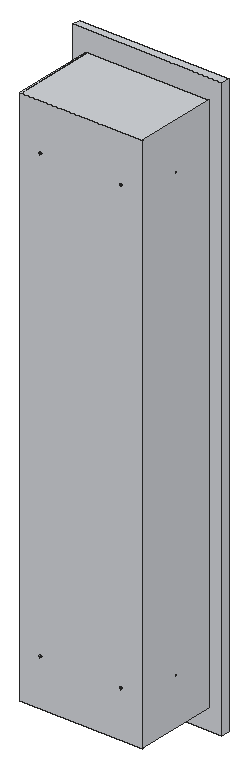
Revit family "AX8716E_0004", category Appareils sanitaires, Revit 2016
Family settings
  Hôte = Mur
  Type d'élément = Normal
  Cote de connecteur circulaire = Utiliser le diamètre
  Numéro OmniClass = 23.75.00.00
  Titre OmniClass = Climate Control (HVAC)
  Toujours verticalement = Oui
  Couper avec des vides une fois chargée = Non
  Partagée = Non
  Point de calcul de pièce = Non
Parameters (values of type "Type 1")
  URL = "https://www.axeuro.com/fr/combines-cote-cuvette/25480-combine-a-encastrer-distributeur-de-papier-toilette-distributeur-de-sachets-et-pubelle-ax8716e.html?search_query=ax8716e&results=2"
  Modèle = "AX8716E"  # constant formula
  Matériaux = "En inox 304 (18/10) Bactériostatique"  # constant formula
  Finition = "Brossé Poli Satiné HyperPolish"  # constant formula
  Fabricant = "Axeuro"  # constant formula
  Description = "Combiné 3 en 1 à encastrer"  # constant formula
Reference planes
  plane 1 "Mur": y = 0
  plane 2 "Centre (gauche/droite)": x = 0
  plane 3 "Arrière": y = 75
Forms (mm)
  Extrusion 1, solid
    sketch origin (747.861, -281.432, 0) x (1, 0, 0) y (0, 0, 1)
      loop
        line (-607.861, 1670.653) -> (-887.861, 1670.653) -> (-887.861, 570.653) -> (-607.861, 570.653) -> (-607.861, 1670.653)
    from -371.432 to -356.432
  Extrusion 2, solid
    sketch origin (1520.58, -281.432, -364.597) x (1, 0, 0) y (0, 0, 1)
      loop
        line (-1405.58, 1997.25) -> (-1635.58, 1997.25) -> (-1635.58, 973.25) -> (-1405.58, 973.25) -> (-1405.58, 1997.25)
      loop
        line (-1407.08, 974.75) -> (-1407.08, 1995.75) -> (-1634.08, 1995.75) -> (-1634.08, 974.75) -> (-1407.08, 974.75)
    from -356.432 to -200.432
  Extrusion 3, void
    sketch origin (748.861, -281.432, -26) x (1, 0, 0) y (0, 0, 1)
      loop
        circle (-748.861, 1510.653) r 9
    from -371.432 to -356.432
  Extrusion 4, void
    sketch origin (748.861, -281.432, -77.5) x (1, 0, 0) y (0, 0, 1)
      loop
        circle (-748.861, 1106.653) r 26.5
    from -371.432 to -356.432
  Extrusion 5, void
    sketch origin (1197.484, -281.432, -196.347) x (1, 0, 0) y (0, 0, 1)
      loop
        line (-1108.484, 1132) -> (-1286.484, 1132) -> (-1286.484, 1034) -> (-1108.484, 1034) -> (-1108.484, 1132)
    from -371.432 to -356.432
  Extrusion 6, void
    sketch origin (16.426, 0, -10) x (1, 0, 0) y (0, 0, 1)
      loop
        circle (59.574, 1554.316) r 3
    from 81 to 79.5
  Extrusion 7, void
    sketch origin (-135.574, 0, -10) x (1, 0, 0) y (0, 0, 1)
      loop
        circle (59.574, 1554.316) r 3
    from 81 to 79.5
  Extrusion 8, void
    sketch origin (16.426, 0, -858) x (1, 0, 0) y (0, 0, 1)
      loop
        circle (59.574, 1554.316) r 3
    from 81 to 79.5
  Extrusion 9, void
    sketch origin (-135.574, 0, -858) x (1, 0, 0) y (0, 0, 1)
      loop
        circle (59.574, 1554.316) r 3
    from 81 to 79.5
  Extrusion 10, void
    sketch origin (0, 0, 86.664) x (0, 1, 0) y (0, 0, 1)
      loop
        circle (-3, 1457.653) r 3
    from 113.5 to 115
  Extrusion 11, void
    sketch origin (0, 0, 86.664) x (0, 1, 0) y (0, 0, -1)
      loop
        circle (-3, -1457.653) r 3
    from 113.5 to 115
  Extrusion 12, void
    sketch origin (0, 0, -761.336) x (0, 1, 0) y (0, 0, 1)
      loop
        circle (-3, 1457.653) r 3
    from 113.5 to 115
  Extrusion 13, void
    sketch origin (0, 0, -761.336) x (0, 1, 0) y (0, 0, -1)
      loop
        circle (-3, -1457.653) r 3
    from 113.5 to 115
  Extrusion 14, solid
    sketch origin (0, 0, 0) x (1, 0, 0) y (0, 1, 0)
      loop
        line (-115, -81) -> (115, -81) -> (115, -79.5) -> (-115, -79.5) -> (-115, -81)
    from 608.653 to 1632.653
  Extrusion 15, void
    sketch origin (0, 75, 0) x (1, 0, 0) y (0, 0, 1)
      loop
        line (113.5, 1631.153) -> (-113.5, 1631.153) -> (-113.5, 610.153) -> (113.5, 610.153) -> (113.5, 1631.153)
    from 0 to 150
Cuts and joins
  Extrusion 3, Extrusion 4, Extrusion 5, Extrusion 15 cuts Extrusion 1
  Extrusion 6, Extrusion 7, Extrusion 8, Extrusion 9, Extrusion 10, Extrusion 11, Extrusion 12, Extrusion 13, Extrusion 15 cuts Extrusion 2
  Extrusion 6, Extrusion 7, Extrusion 8, Extrusion 9, Extrusion 15 cuts Extrusion 14
  joined: Extrusion 2, Extrusion 14
Lines and regions (mm)
  reference lines
    curve 1: line (95, 75, 1670.653) -> (95, 75, 1669.653)
    curve 2: line (141, 75, 1655.653) -> (140, 75, 1655.653)
    curve 3: line (-76, 0, 1541.316) -> (-76, 0, 1547.316)
Text (mm)
  text "Côté de la mise en place" at (-1820.995, 1116.779, 0), in view "Niveau de réf."
  text "Côté de la mise en place" at (0, 1334.055, 2976.191), in view "Gauche"
  text "Côté de la mise en place" at (0, 439.194, 2944.362), in view "Droite"
Dimensions and locks
  locked: plane 3 "Arrière" to host wall
  aligned and locked: plane 1 "Mur" to host wall
